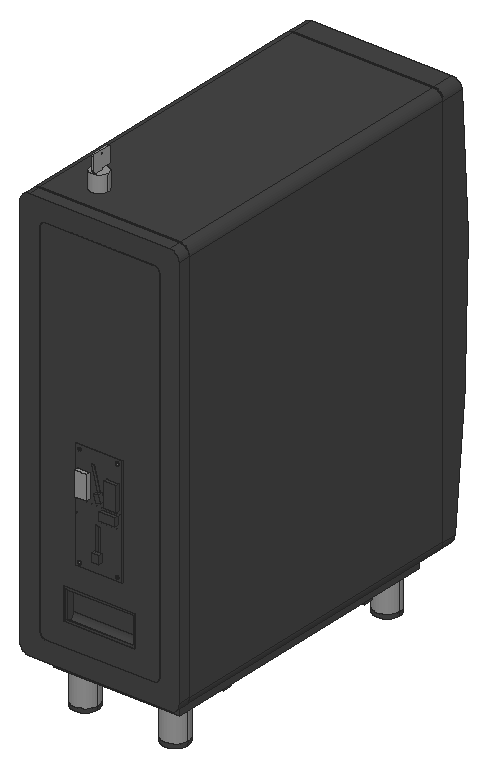
Revit family "Franke_Münzprüfer-A600_A800_A1000", category Sonderausstattung, Revit 2015
Parameters (values of type "Münzprüfer-A600,A800,A1000(85-264V/black line/EU)")
  URL = "http://www.franke.com/main/de/cs/produkte/produktsuche/produktsuche.html#akCache=true&p=1&t=grid&f=cat14_3210"
  Tiefe = 452 mm
  Spannung min. = 85 V
  Spannung max. = 264 V
  Sicherung = "10 A"
  Netzfrequenz alternativ = 60 Hz
  Netzfrequenz = 50 Hz
  Modell = "410898 - Münzprüfer A600, A800, A1000"
  Leistung = 76.8 W
  Kosten = 0
  Höhe = 585 mm
  Hersteller = "Franke"
  Energieverlust nach DIN18873 = "k.A."
  Breite = 200 mm
  Beschreibung = "Beistellgerät Münzprüfer ermöglicht den Kaffeeausschank in der Selbstbedienung"
  Assembly Code = "Beistellgerät Münzprüfer (A600, A800)"
  Keynote = "Beistellgerät Münzprüfer (A600, A800)"
  Aufstellgewicht = "18 kg"
  Anzahl von Polen = 1
  Anzahl der Schutzleiter = "1"
  Anzahl der Nullleiter = "1"
  Abdeckung = Franke Black
Types (3, lengths in mm): name | Abdeckung
  (no name) | Franke Black
  Münzprüfer-A600,A800,A1000(85-264V/black line/EU) | Franke Black
  Münzprüfer-A600,A800,A1000(85-264V/anthrazit/EU) | Franke Anthrazit
Reference planes
  plane 1 "Mitte (Vorne/Hinten)": y = 0
  plane 2: z = 0
  plane 3 "Mitte (Links/Rechts)": x = 0
Forms (mm)
  Extrusion 1, solid, material "Franke Black"
    sketch origin (0, 0, 0) x (0, 1, 0) y (0, 0, 1)
      loop
        line (186.97, 65) -> (-188.03, 65) -> (-188.03, 45) -> (186.97, 45) -> (186.97, 65)
    from -79 to 79
  Extrusion 2, solid, material "Franke Black"
    sketch origin (-1000, 0, 0) x (0, 1, 0) y (0, 0, 1)
      loop
        line (199.53, 585) -> (199.53, 65) -> (216.03, 65)
        arc (216.03, 65) -> (224.982, 150.997) -> (233.478, 237.039) r 16328.175
        arc (233.478, 237.039) -> (233.864, 241.879) -> (234.093, 246.728) r 150
        arc (234.093, 246.728) -> (236.227, 326.074) -> (237.701, 405.435) r 9548.581
        arc (237.701, 405.435) -> (237.699, 406.999) -> (237.648, 408.563) r 50
        arc (237.648, 408.563) -> (233.118, 496.797) -> (228.03, 585) r 14002.549
        line (228.03, 585) -> (199.53, 585)
    from 900 to 1100
  Extrusion 3, void
    sketch origin (-1000, 0, 0) x (1, 0, 0) y (0, 0, 1)
      loop
        arc (1088, 585) -> (1096.485, 581.485) -> (1100, 573) r 12
        line (1100, 573) -> (1110, 573) -> (1110, 595) -> (1088, 595) -> (1088, 585)
      loop
        line (1088, 65) -> (1088, 55) -> (1110, 55) -> (1110, 77) -> (1100, 77)
        arc (1100, 77) -> (1096.485, 68.515) -> (1088, 65) r 12
      loop
        line (912, 585) -> (912, 595) -> (890, 595) -> (890, 573) -> (900, 573)
        arc (900, 573) -> (903.515, 581.485) -> (912, 585) r 12
      loop
        arc (912, 65) -> (903.515, 68.515) -> (900, 77) r 12
        line (900, 77) -> (890, 77) -> (890, 55) -> (912, 55) -> (912, 65)
    from -305.226 to 299.817
  Extrusion 4, solid, material "Franke Black"
    sketch origin (0, 397.56, 0) x (1, 0, 0) y (0, 0, 1)
      loop
        line (-85, 65) -> (85, 65) -> (85, 575) -> (-85, 575) -> (-85, 65)
    from 198.03 to 199.53
  Extrusion 5, solid
    sketch origin (0, 0, 0) x (1, 0, 0) y (0, 0, 1)
      loop
        line (-85, 65) -> (85, 65) -> (85, 575) -> (-85, 575) -> (-85, 65)
    from 198.03 to 199.53
  Extrusion 6, solid, material "Franke Black"
    sketch origin (0, 0, 0) x (1, 0, 0) y (0, 0, 1)
      loop
        line (88, 585) -> (-88, 585)
        arc (-88, 585) -> (-96.485, 581.485) -> (-100, 573) r 12
        line (-100, 573) -> (-100, 77)
        arc (-100, 77) -> (-96.485, 68.515) -> (-88, 65) r 12
        line (-88, 65) -> (88, 65)
        arc (88, 65) -> (96.485, 68.515) -> (100, 77) r 12
        line (100, 77) -> (100, 573)
        arc (100, 573) -> (96.485, 581.485) -> (88, 585) r 12
    from -198.03 to 198.03
  Extrusion 7, solid, material "Franke Stahl, verchromt"
    sketch origin (0, 0, 0) x (1, 0, 0) y (0, 1, 0)
      loop
        circle (-42, -162.53) r 11
    from 585 to 605
  Extrusion 8, solid, material "Franke Black" <- "Abdeckung"
    sketch origin (0, 0, 0) x (1, 0, 0) y (0, 0, 1)
      loop
        line (88, 585) -> (-88, 585)
        arc (-88, 585) -> (-96.485, 581.485) -> (-100, 573) r 12
        line (-100, 573) -> (-100, 77)
        arc (-100, 77) -> (-96.485, 68.515) -> (-88, 65) r 12
        line (-88, 65) -> (88, 65)
        arc (88, 65) -> (96.485, 68.515) -> (100, 77) r 12
        line (100, 77) -> (100, 573)
        arc (100, 573) -> (96.485, 581.485) -> (88, 585) r 12
      loop
        arc (67, 90) -> (72.657, 92.343) -> (75, 98) r 8
        line (75, 98) -> (75, 552)
        arc (75, 552) -> (72.657, 557.657) -> (67, 560) r 8
        line (67, 560) -> (-67, 560)
        arc (-67, 560) -> (-72.657, 557.657) -> (-75, 552) r 8
        line (-75, 552) -> (-75, 98)
        arc (-75, 98) -> (-72.657, 92.343) -> (-67, 90) r 8
        line (-67, 90) -> (67, 90)
    from 199.53 to 214.53
  Extrusion 9, solid, material "Franke Black"
    sketch origin (0, 0, 0) x (1, 0, 0) y (0, 0, 1)
      loop
        arc (-67, 560) -> (-72.657, 557.657) -> (-75, 552) r 8
        line (-75, 552) -> (-75, 98)
        arc (-75, 98) -> (-72.657, 92.343) -> (-67, 90) r 8
        line (-67, 90) -> (67, 90)
        arc (67, 90) -> (72.657, 92.343) -> (75, 98) r 8
        line (75, 98) -> (75, 552)
        arc (75, 552) -> (72.657, 557.657) -> (67, 560) r 8
        line (67, 560) -> (-67, 560)
    from 199.53 to 214.53
  Extrusion 10, solid, material "Franke Black"
    sketch origin (0, 0, 0) x (1, 0, 0) y (0, 0, 1)
      loop
        line (-85, 65) -> (85, 65) -> (85, 575) -> (-85, 575) -> (-85, 65)
    from 198.03 to 199.53
  Extrusion 11, solid, material "Franke Stahl, verchromt"
    sketch origin (0, 0, 39.5) x (0, 1, 0) y (0, 0, 1)
      loop
        arc (-172.53, 569.367) -> (-172.178, 568.234) -> (-171.247, 567.5) r 2
        line (-171.247, 567.5) -> (-171.247, 565.5) -> (-160.53, 565.5) -> (-160.53, 566.541)
        arc (-160.53, 566.541) -> (-160.249, 567.219) -> (-159.571, 567.5) r 0.959
        line (-159.571, 567.5) -> (-149.53, 567.5)
        arc (-149.53, 567.5) -> (-148.116, 568.086) -> (-147.53, 569.5) r 2
        line (-147.53, 569.5) -> (-147.53, 585.5)
        arc (-147.53, 585.5) -> (-148.116, 586.914) -> (-149.53, 587.5) r 2
        line (-149.53, 587.5) -> (-170.53, 587.5)
        arc (-170.53, 587.5) -> (-171.944, 586.914) -> (-172.53, 585.5) r 2
        line (-172.53, 585.5) -> (-172.53, 569.367)
      loop
        circle (-160.03, 583.965) r 2
    from -43 to -41
  Extrusion 12, solid, material "Franke Black"
    sketch origin (0, 0, 20) x (1, 0, 0) y (0, 0, 1)
      loop
        line (-44.5, 139) -> (-44.5, 100) -> (44.5, 100) -> (44.5, 139) -> (-44.5, 139)
      loop
        line (-42.5, 137) -> (-42.5, 102) -> (42.5, 102) -> (42.5, 137) -> (-42.5, 137)
    from 212.53 to 214.53
  Extrusion 13, void
    sketch origin (0, 0, 20) x (0, 1, 0) y (0, 0, 1)
      loop
        line (-231.966, 139) -> (-231.966, 100) -> (-212.53, 100) -> (-212.53, 95) -> (-210.53, 95)
        arc (-210.53, 95) -> (-203.459, 97.929) -> (-200.53, 105) r 10
        line (-200.53, 105) -> (-200.53, 144) -> (-212.53, 144) -> (-212.53, 139) -> (-231.966, 139)
    from -44.5 to 44.5
  Extrusion 14, solid, material "Franke Black"
    sketch origin (0, 0, 41) x (1, 0, 0) y (0, 0, 1)
      loop
        line (29, 285.082) -> (-29, 285.082) -> (-29, 148) -> (29, 148) -> (29, 285.082)
      loop
        circle (-23.594, 280.3) r 2
      loop
        circle (-23.594, 152.782) r 2
      loop
        circle (23.594, 280.3) r 2
      loop
        circle (23.594, 152.782) r 2
      loop
        line (-27, 207.541) -> (27, 207.541) -> (27, 208.541) -> (-27, 208.541) -> (-27, 207.541)
      loop
        line (-27, 225.541) -> (-27, 224.541) -> (27, 224.541) -> (27, 225.541) -> (-27, 225.541)
      loop
        line (24, 221.541) -> (5, 221.541) -> (5, 211.541) -> (24, 211.541) -> (24, 221.541)
      loop
        line (3, 202.541) -> (-3, 202.541) -> (-3, 162.541) -> (3, 162.541) -> (3, 202.541)
      loop
        line (-26, 228.541) -> (-11, 228.541) -> (-11, 258.541) -> (-26, 258.541) -> (-26, 228.541)
      loop
        line (26, 228.541) -> (26, 258.541) -> (11, 258.541) -> (11, 228.541) -> (26, 228.541)
      loop
        line (-4.245, 270.213) -> (-8.108, 269.178) -> (2.245, 230.541) -> (6.108, 231.576) -> (-4.245, 270.213)
    from 214.53 to 216.53
  Extrusion 15, solid, material "Franke Black"
    sketch origin (0, 0, 41) x (1, 0, 0) y (0, 0, 1)
      loop
        line (4, 162.541) -> (4, 172.541) -> (-4, 172.541) -> (-4, 162.541) -> (4, 162.541)
    from 216.53 to 221.53
  Extrusion 16, solid, material "Franke Kunststoff, grün"
    sketch origin (0, 0, 41) x (1, 0, 0) y (0, 0, 1)
      loop
        line (-26, 258.541) -> (-26, 228.541) -> (-11, 228.541) -> (-11, 258.541) -> (-26, 258.541)
    from 214.53 to 221.53
  Extrusion 17, solid, material "Franke Black"
    sketch origin (0, 0, 41) x (1, 0, 0) y (0, 0, 1)
      loop
        line (11, 258.541) -> (11, 228.541) -> (26, 228.541) -> (26, 258.541) -> (11, 258.541)
    from 214.53 to 221.53
  Extrusion 18, solid, material "Franke Black"
    sketch origin (0, 0, 41) x (1, 0, 0) y (0, 0, 1)
      loop
        line (5, 221.541) -> (5, 211.541) -> (24, 211.541) -> (24, 221.541) -> (5, 221.541)
    from 214.53 to 221.53
  Extrusion 19, solid, material "Franke Edelstahl, poliert"
    sketch origin (0, 0, 41) x (1, 0, 0) y (0, 0, 1)
      loop
        circle (23.594, 280.3) r 2
      loop
        circle (-23.594, 280.3) r 2
      loop
        circle (23.594, 152.782) r 2
      loop
        circle (-23.594, 152.782) r 2
    from 214.53 to 216.53
  Extrusion 20, solid, material "Franke Black"
    sketch origin (46.245, 0, 115.056) x (0.965926, 0, 0.258819) y (-0.258819, 0, 0.965926)
      loop
        line (3, 162.541) -> (3, 172.541) -> (-3, 172.541) -> (-3, 162.541) -> (3, 162.541)
    from 216.53 to 221.53
  Extrusion 21, solid, material "Franke Stahl, verchromt"
    sketch origin (0, 0, 41) x (1, 0, 0) y (0, 1, 0)
      loop
        circle (0, 156.641) r 2.5
    from 0 to 4
  Extrusion 22, solid, material "Franke Stahl, verchromt"
    sketch origin (-35.869, -27.22, 0) x (1, 0, 0) y (0, 1, 0)
      loop
        circle (92.493, -139.31) r 16
      loop
        circle (-20.755, -139.31) r 16
      loop
        circle (92.493, 192.69) r 16
      loop
        circle (-20.755, 192.69) r 16
    from 5 to 45
  Extrusion 23, solid, material "Franke Black"
    sketch origin (-35.869, -27.22, 10) x (0, -1, 0) y (1, 0, 0)
      loop
        circle (139.31, 92.493) r 16
      loop
        circle (139.31, -20.755) r 16
      loop
        circle (-192.69, 92.493) r 16
      loop
        circle (-192.69, -20.755) r 16
    from -10 to -5
  Extrusion 24, solid, material "Franke Black"
    sketch origin (0, 0, 0) x (1, 0, 0) y (0, 1, 0)
      loop
        line (63, -104.63) -> (63, -116.63) -> (77, -116.63) -> (77, -104.63) -> (63, -104.63)
      loop
        line (63, 116.47) -> (63, 104.47) -> (77, 104.47) -> (77, 116.47) -> (63, 116.47)
      loop
        line (-63, -104.63) -> (-77, -104.63) -> (-77, -116.63) -> (-63, -116.63) -> (-63, -104.63)
      loop
        line (-63, 116.47) -> (-77, 116.47) -> (-77, 104.47) -> (-63, 104.47) -> (-63, 116.47)
    from 41 to 45
Cuts and joins
  Extrusion 3 cuts Extrusion 8
  Extrusion 3 cuts Extrusion 2
  Extrusion 13 cuts Extrusion 9
Dimensions and locks
  aligned and locked: level to plane 2
Connectors
  electrical at (0, 156.641, 41), driven by "Spannung max.", driven by "Anzahl von Polen"
    settings: on Extrusion 21, index 2, voltage 264 V, apparent load 0 VA, apparent load phase1 0 VA, apparent load phase2 0 VA, apparent load phase3 0 VA, power factor 1, load classification "Strom", number of poles 1, system type 31, power factor state 1, is connector primary yes, connector utility no, sub classification motor no, connector description ""
